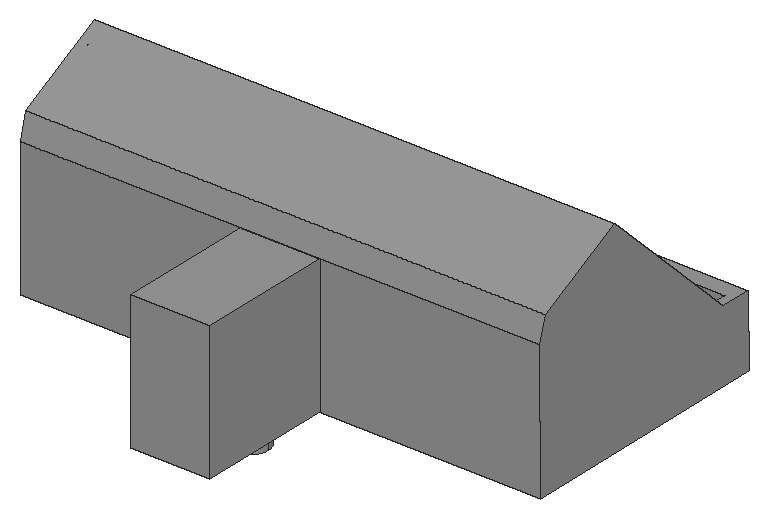
Revit family "Urinal-Willoughby-1800-UW-BS", category Plumbing Fixtures, host Face, Revit 2014
Parameters (values of type "1836")
  half width = Width / 2  # 1' - 6"
  Width = 3' - 0"
  Waste DIA = 2"
  Waste Connection = yes
  Vent Connection = no
  URL = "www.willoughby-ind.com"
  Type Comments = ""
  Revision = "A"
  Model = "UW-1896-BS"
  Manufacturer = "Willoughby Industries"
  HW Connection = no
  Flush Inlet DIA = 3/4"
  Flush Inlet Connection = yes
  Fixture Body = Stainless Steel AISI 304-Willoughby
  Description = "36\" Trough Urinal"
  Default Elevation = 0' - 0"
  Contact Info. = "(800) 428-4065"
  CW Connection = no
  96 inch = no
  72 inch = no
  60 inch = no
  48 inch = no
  36 inch = yes
Types (6): name | half width | Width | Model | Flush Inlet DIA | Description | 96 inch | 72 inch | 60 inch | 48 inch | 36 inch
  (no name) | 1' - 6" | 3' - 0" | "UW-1896-BS" | 3/4" | "36\" Trough Urinal" | no | no | no | no | yes
  1872 | 3' - 0" | 6' - 0" | "UW-1872-BS" | 1 1/2" | "72\" Trough Urinal" | no | yes | no | yes | no
  1896 | 4' - 0" | 8' - 0" | "UW-1896-BS" | 1 1/2" | "96\" Trough Urinal" | yes | no | no | no | no
  1860 | 2' - 6" | 5' - 0" | "UW-1860-BS" | 3/4" | "60\" Trough Urinal" | no | no | yes | no | no
  1848 | 2' - 0" | 4' - 0" | "UW-1896-BS" | 3/4" | "48\" Trough Urinal" | no | no | no | yes | no
  1836 | 1' - 6" | 3' - 0" | "UW-1896-BS" | 3/4" | "36\" Trough Urinal" | no | no | no | no | yes
Reference planes (in)
  plane 1 "Center (Front/Back)": y = 0
  plane 2: z = 0
  plane 3 "Center (Left/Right)": x = 0
  plane 4: x = 17.375
  plane 5: z = 14
  plane 6 "base": y = -9.5
  plane 7: x = -2.75
  plane 8: x = 2.75
  plane 9 "Waste": y = -2.25
  plane 10: y = 18
  plane 11 "Back Spud": y = 16.75
  plane 12: z = 9.5
  plane 13: y = 5.08704
  plane 14: x = 18
  plane 15: x = -17.375
  plane 16: x = -18
  plane 17: x = -18
  plane 18 "Floor level": y = -13.47583
Forms (in)
  Extrusion 1, solid, material "Stainless Steel AISI 304-Willoughby" <- "Fixture Body"
    sketch origin (0, 0, 0) x (1, 0, 0) y (0, 0, 1)
      loop
        line (-18, 5) -> (-18, 0) -> (18, 0) -> (18, 5) -> (-18, 5)
    from -18 to 0
  Extrusion 2, solid, material "Stainless Steel AISI 304-Willoughby" <- "Fixture Body"
    sketch origin (11.85095, 0, -0.06446) x (0, 1, 0) y (0, 0, 1)
      loop
        line (0, 5.06446) -> (15.75, 5.06446) -> (6.44952, 14.24569) -> (0.47673, 11.2593) -> (0, 9.56093) -> (0, 5.06446)
    from -29.85095 to 6.14905
  Extrusion 3, void, detail levels fine
    sketch origin (2.375, 0, -0.5) x (1, 0, 0) y (0, 0, 1)
      loop
        line (15, 14) -> (-19.75, 14) -> (-19.75, 2) -> (15, 2) -> (15, 14)
    from -5.08704 to -16.75
  Extrusion 4, solid, material "Stainless Steel AISI 304-Willoughby" <- "Fixture Body"
    sketch origin (0, 0, 0) x (0, 1, 0) y (0, 0, 1)
      loop
        line (0, 9.5) -> (-9.5, 9.5) -> (-9.5, 0) -> (0, 0) -> (0, 9.5)
    from -2.75 to 2.75
  Revolve 5, solid, material "Stainless Steel AISI 304-Willoughby" <- "Fixture Body"
    sketch origin (0, -2.25, -24) x (0, 0, -1) y (-1, 0, 0)
      loop
        line (-22, 0) -> (-22, 1) -> (-25, 1) -> (-25, 0) -> (-22, 0)
      axis (-25, 0) -> (-22, 0)
    angle from 0 to 360
  Revolve 6, solid, material "Stainless Steel AISI 304-Willoughby" <- "Fixture Body"
    sketch origin (0, 16.75, -20.5) x (0, 0, -1) y (-1, 0, 0)
      loop
        line (-18.5, 0) -> (-18.5, 0.75) -> (-21.5, 0.75) -> (-21.5, 0) -> (-18.5, 0)
      axis (-21.5, 0) -> (-18.5, 0)
    angle from 0 to 360
Cuts and joins
  Extrusion 3 cuts Extrusion 1
  Extrusion 3 cuts Extrusion 2
  joined: Extrusion 1, Extrusion 2
Lines and regions (in)
  symbolic lines
    curve 1: line (30, 0, 0) -> (30, 0, 14)
    curve 2: line (30, 0, 14) -> (-18, 0, 14)
    curve 3: line (-18, 0, 14) -> (-18, 0, 0)
    curve 4: line (30, 0, 6.5) -> (-18, 0, 6.5)
    curve 5: line (-18, 0, 5) -> (30, 0, 5)
    curve 6: line (-18, 0, 0) -> (30, 0, 0)
    curve 7: line (18, 0, 0) -> (-18, 0, 0)
    curve 8: line (-18, 0, 0) -> (-18, 18, 0)
    curve 9: line (-18, 18, 0) -> (18, 18, 0)
    curve 10: line (18, 18, 0) -> (18, 0, 0)
    curve 11: line (2.75, 0, 0) -> (2.75, -9.5, 0)
    curve 12: line (2.75, -9.5, 0) -> (-2.75, -9.5, 0)
    curve 13: line (-2.75, -9.5, 0) -> (-2.75, 0, 0)
    curve 14: line (-18, 6.44952, 0) -> (18, 6.44952, 0)
    curve 21: line (-18, 5.08704, 0) -> (18, 5.08704, 0)
    curve 25: line (0, -9.5, 0) -> (0, 18, 0)
    curve 26: line (0, 18, 0) -> (0, 18, 5)
    curve 27: line (0, 18, 5) -> (0, 15.75, 5)
    curve 28: line (0, 15.75, 5) -> (0, 6.52901, 14.22099)
    curve 29: line (0, 6.52901, 14.22099) -> (0, 0.47673, 11.19485)
    curve 30: line (0, 0.47673, 11.19485) -> (0, 0, 9.49648)
    curve 31: line (0, 0, 9.49648) -> (0, 0, 0)
    curve 32: line (0, 0, 9.49648) -> (0, -9.5, 9.49648)
    curve 33: line (0, -9.5, 9.49648) -> (0, -9.5, 0)
  symbolic lines, detail levels fine
    curve 15: line (-17.375, 7.13961, 0) -> (-17.375, 16.75, 0)
    curve 16: line (-17.375, 16.75, 0) -> (17.375, 16.75, 0)
    curve 17: line (17.375, 16.75, 0) -> (17.375, 7.13961, 0)
    curve 18: line (17.375, 7.13961, 0) -> (-17.375, 7.13961, 0)
    curve 19: line (-18, 15.75, 0) -> (-17.375, 15.75, 0)
    curve 20: line (18, 15.75, 0) -> (17.375, 15.75, 0)
    curve 22: line (17.375, 0, 6.5) -> (17.375, 0, 13.5)
    curve 23: line (17.375, 0, 13.5) -> (-17.375, 0, 13.5)
    curve 24: line (-17.375, 0, 13.5) -> (-17.375, 0, 6.5)
Dimensions and locks (in)
  cut or joined group of Extrusion 1, Extrusion 2, Extrusion 3 to cut or joined group of Extrusion 1, Extrusion 2, Extrusion 3 = 3' - 0"
  cut or joined group of Extrusion 1, Extrusion 2, Extrusion 3 to cut or joined group of Extrusion 1, Extrusion 2, Extrusion 3 = 1' - 6"
  Extrusion 4 to cut or joined group of Extrusion 1, Extrusion 2, Extrusion 3 = 0' - 9 1/2"
  plane 1 "Center (Front/Back)" to plane 6 "base" = 0' - 9 1/2"
  plane 7 to plane 8 = 0' - 5 1/2"  (x2)
  locked: plane 10 to plane 11 "Back Spud" at 1.25
  plane 9 "Waste" to plane 6 "base" = 0' - 7 1/4"
  locked: plane 9 "Waste" to plane 1 "Center (Front/Back)" at 2.25
  plane 5 to level = 1' - 2"
  locked: plane 4 to plane 14 at 0.625
  "half width": plane 3 "Center (Left/Right)" to plane 14
  equal spacing: plane 17, plane 3 "Center (Left/Right)", plane 14
  locked: plane 17 to plane 15 at 0.625
  aligned and locked: host face to plane 2
  aligned and locked: host face to level
  aligned and locked: plane 7 to Extrusion 4
  aligned and locked: Extrusion 4 to plane 8
  aligned and locked: Extrusion 4 to level
  aligned and locked: plane 4 to Extrusion 3
  aligned and locked: plane 11 "Back Spud" to Extrusion 3
  aligned and locked: plane 1 "Center (Front/Back)" to Extrusion 1
  aligned and locked: plane 10 to Extrusion 1
  aligned and locked: plane 14 to Extrusion 2
  aligned and locked: Extrusion 1 to Extrusion 2  (x2)
  aligned and locked: plane 17 to plane 16
  aligned and locked: Extrusion 4 to curve 12  (x2)
  aligned and locked: Extrusion 4 to plane 6 "base"
  aligned and locked: Extrusion 4 to plane 1 "Center (Front/Back)"
  aligned and locked: Extrusion 3 to curve 16
  aligned and locked: Extrusion 3 to plane 15
  aligned and locked: Extrusion 3 to connector elem
  aligned and locked: Extrusion 3 to plane 13
  aligned and locked: Extrusion 1 to plane 16
Automatic sketch dimensions
  curve 14 to plane 16 = 0' - 0"
  curve 16 to plane 11 "Back Spud" = 0' - 0"
  curve 16 to plane 15 = 0' - 0"
  plane 1 "Center (Front/Back)" to curve 13 = 0' - 0"
  curve 11 to plane 6 "base" = 0' - 0"
  curve 9 to plane 10 = 0' - 0"
  curve 9 to plane 14 = 0' - 0"
  curve 21 to plane 13 = 0' - 0"
  plane 13 to curve 18 = 0' - 2.05257"
  curve 14 to curve 18 = 0' - 0.69009"
  curve 19 to plane 11 "Back Spud" = 0' - 1"
  curve 20 to plane 11 "Back Spud" = 0' - 1"
  curve 25 to level = 0' - 0"
  curve 25 to plane 6 "base" = 0' - 0"
  curve 32 to plane 1 "Center (Front/Back)" = 0' - 0"
  curve 26 to plane 10 = 0' - 0"
  curve 29 to plane 1 "Center (Front/Back)" = 0' - 0.47673"
  plane 5 to curve 29 = 0' - 0.22099"
  plane 13 to curve 29 = 0' - 1.44197"
  curve 28 to plane 11 "Back Spud" = 0' - 1"
  curve 27 to plane 12 = 0' - 4 1/2"
  curve 32 to plane 12 = 0' - 0.00352"
  plane 12 to curve 29 = 0' - 1.69485"
  curve 24 to plane 15 = 0' - 0"
  curve 23 to plane 4 = 0' - 0"
  plane 14 to curve 6 = 1' - 0"
  curve 2 to plane 5 = 0' - 0"
  curve 24 to plane 5 = 0' - 0 1/2"
  host sketch curve to host sketch curve = 12' - 1.56467"
  host sketch curve to host sketch curve = 5' - 5.69464"
  Extrusion 1 sketch curve to level = 0' - 0"
  plane 16 to Extrusion 1 sketch curve = 0' - 0"
  plane 14 to Extrusion 1 sketch curve = 0' - 0"
  Extrusion 1 sketch curve to plane 12 = 0' - 4 1/2"
  Extrusion 2 sketch curve to plane 1 "Center (Front/Back)" = 0' - 0"
  Extrusion 2 sketch curve to plane 1 "Center (Front/Back)" = 0' - 0.47673"
  plane 5 to Extrusion 2 sketch curve = 0' - 0.18124"
  plane 13 to Extrusion 2 sketch curve = 0' - 1.36248"
  Extrusion 2 sketch curve to plane 11 "Back Spud" = 0' - 1"
  plane 12 to Extrusion 2 sketch curve = 0' - 1.69485"
  Extrusion 2 sketch curve to plane 12 = 0' - 0.00352"
  Extrusion 2 sketch curve to Extrusion 2 sketch curve = 0' - 4.49648"
  Extrusion 3 sketch curve to plane 15 = 0' - 0"
  Extrusion 3 sketch curve to plane 4 = 0' - 0"
  level to Extrusion 3 sketch curve = 0' - 1 1/2"
  Extrusion 3 sketch curve to plane 5 = 0' - 0 1/2"
  Extrusion 4 sketch curve to plane 6 "base" = 0' - 0"
  Extrusion 4 sketch curve to level = 0' - 0"
  Extrusion 4 sketch curve to plane 1 "Center (Front/Back)" = 0' - 0"
  Extrusion 4 sketch curve to plane 12 = 0' - 0"
  Revolve 5 sketch curve to plane 3 "Center (Left/Right)" = 0' - 0"  (x2)
  level to Revolve 5 sketch curve = 0' - 1"
  Revolve 5 sketch curve to level = 0' - 2"
  Revolve 5 sketch curve to Revolve 5 sketch curve = 0' - 1"
  Revolve 5 sketch curve to Revolve 5 sketch curve = 0' - 0"  (x2)
  Revolve 6 sketch curve to plane 3 "Center (Left/Right)" = 0' - 0"  (x2)
  level to Revolve 6 sketch curve = 0' - 1"
  Revolve 6 sketch curve to plane 3 "Center (Left/Right)" = 0' - 0 3/4"
  Revolve 6 sketch curve to level = 0' - 2"
  Revolve 6 sketch curve to Revolve 6 sketch curve = 0' - 0"  (x2)
  curve 5 to plane 12 = 0' - 4 1/2"
  curve 5 to curve 4 = 0' - 1 1/2"
  curve 4 to plane 16 = 0' - 0"
  curve 6 to level = 0' - 0"
Connectors (in)
  piping at (0, 16.75, -2), diameter 0.75, driven by "Flush Inlet Connection", driven by "Flush Inlet DIA"
    settings: on Revolve 6, index 1, connector inside diameter 24", connector length 0' - 0", flow factor 0, pipe flow 0 GPM, pressure drop 0.00 psi, fitting loss kfactor 0, connector angle 0.00°, fixture units 0, engagement length 0' - 0", angle of deflection 0.00°, flow configuration 0, flow direction 1, fitting loss method 0, system type 20, joint type 0, gender type 0, connector reference index -1, connector utility 1, adjustable connector no, is connector primary yes, connector description "Cold Water Inlet"
  piping at (0, -2.25, -2), diameter 2, driven by "Waste Connection", driven by "Waste DIA"
    settings: on Revolve 5, index 2, connector inside diameter 24", connector length 0' - 0", flow factor 0, pipe flow 0 GPM, pressure drop 0.00 psi, fitting loss kfactor 0, connector angle 0.00°, fixture units 0, engagement length 0' - 0", angle of deflection 0.00°, flow configuration 0, flow direction 2, fitting loss method 0, system type 16, joint type 0, gender type 0, connector reference index -1, connector utility 1, adjustable connector no, is connector primary no, connector description "Urinal Waste"
